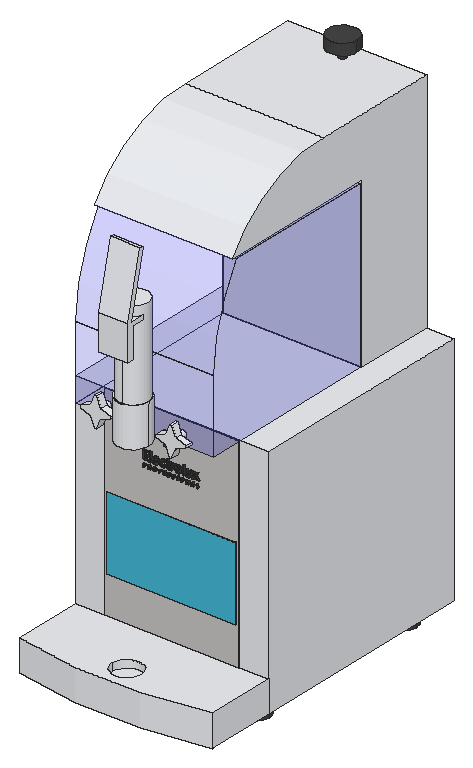
Revit family "QF_ELECTROLUXPROFESSIONAL_562516_GT1TR290", category Attrezzature speciali, Revit 2020
Family settings
  Quota connettore circolare = Usa diametro
  Tipo di parte = Normale
  Basato su piano di lavoro = No
  Sempre verticale = Sì
  Taglio con vuoti quando caricato = No
  Condiviso = No
  Punto di calcolo locali = No
Parameters (values of type "Standard")
  Weight = 28.00 kg
  Watts = 385 W
  Volts = 220 V
  URL Manufacturer = "https://www.electroluxprofessional.com/"
  URL = "https://www.electroluxprofessional.com/"
  Steam Supply Size = 0 mm
  Steam Supply Minimum Pressure = 0.0 Pa
  Steam Supply Maximum Pressure = 0.0 Pa
  Steam Consumption per Hour = 0
  Show Logo [instance] = yes
  Show Clearance [instance] = yes
  Refrigeration Suction Line Size = 0 mm
  Refrigeration Liquid Line Size = 0 mm
  Refrigerant Compressor Remote = yes
  Prospetto di default = 0 mm
  Produttore = "Electrolux Professional"
  Phase = 1
  Modello = "GT1TR290"
  Length Actual = 260 mm  # constant formula
  Item Number = "562516"
  Hot Water Size = 0 mm
  Height Actual = 650 mm  # constant formula
  HP = "0.5 HP"
  Gas Size = 0 mm
  Gas KW = 0
  Gas Input Pressure = 0 W
  Direct Waste Size = 0 mm
  Descrizione = "1X5 LT BOWL - FROZEN GRANITA, FROZEN CREAMS AND SOFT ICE CREAM DISPENSER - 1 INSULATED BOWL - TOUCH SCREEN - WHITE, R290"
  Depth Actual = 425 mm  # constant formula
  Cycle = 50 Hz
  Condensate Return Size = 0 mm
  Compressed Air Volume = 0.0 L/s
  Compressed Air Size = 0 mm
  Compressed Air Pressure = 0.0 Pa
  Cold Water Size = 0 mm
  Accessory = yes
Reference planes
  plane 1: z = 0
  plane 2 "LEFT": x = -300
  plane 3 "BACK": y = 282.5
  plane 4: z = 648.875
  plane 5: z = 340
  plane 6: z = 63
  plane 7: z = 677
  plane 8: x = -38
  plane 9: y = -142.5
Forms (mm)
  Extrusion 1, solid, material "QF_Finishes_White"
    sketch origin (0, -1.353, -30) x (1, 0, 0) y (0, 1, 0)
      loop
        line (-300, 283.853) -> (-300, -31.147) -> (-38, -31.147) -> (-38, 283.853) -> (-300, 283.853)
    from 50 to 370
  Extrusion 2, solid, material "QF_Finishes_Stainless Steel"
    sketch origin (15.921, 130.5, -87.462) x (1, 0, 0) y (0, 1, 0)
      loop
        line (-93.921, -163) -> (-275.921, -163) -> (-275.921, -163.8) -> (-93.921, -163.8) -> (-93.921, -163)
    from 150.462 to 427.462
  Extrusion 3, solid, material "QF_Finishes_Stainless Steel"
    sketch origin (-521.596, -170.677, 18) x (0, -1, 0) y (1, 0, 0)
      loop
        line (-163.023, 407.596) -> (-163.023, 427.596) -> (-183.023, 427.596) -> (-183.023, 407.596) -> (-163.023, 407.596)
    from 0 to 2
Dimensions and locks
  plane 4 to level = 648.875 mm
  level to plane 7 = 677 mm
  plane 6 to level = 63 mm
  plane 5 to plane 6 = 277 mm
  plane 2 "LEFT" to plane 8 = 262 mm
  plane 9 to plane 3 "BACK" = 425 mm
  plane 5 to nested 11 = 246.5 mm
  plane 3 "BACK" to nested 11 = 417.25 mm
  plane 3 "BACK" to plane 9 = 425 mm
  aligned and locked: level to plane 1
Nested families
  nested 1: "MANOPOLA BEVERAGE" at (-220, -78.664, 353.538) x (0, 0, 1) z (0, -1, 0), type "MANOPOLA BEVERAGE"
  nested 2: "MANOPOLA BEVERAGE" at (-118, -78.664, 353.538) x (0, 0, 1) z (0, -1, 0), type "MANOPOLA BEVERAGE"
  nested 3: "PORTAGRANITE BEVERAGE-fat" at (-169, 107.419, 340), type "PORTAGRANITE BEVERAGE-fat"
  nested 4: "VASCHETTA BEVERAGE_Large" at (-169, -32.5, 41.5) x (1, 0, 0) z (0, -1, 0), type "VASCHETTA BEVERAGE_Large"
  nested 5: "ELX_LOGO_MONO_SMALL" at (-178.92, -33.3, 259.538) x (-1, 0, 0) z (0, -1, 0), Show Logo <- "Show Logo", visible <- "Show Logo", type "ELX_LOGO_MONO_SMALL"
  nested 6: "ELX_LOGO_WORDS" at (-169, -33.3, 274.149) x (1, 0, 0) z (0, -1, 0), visible <- "Show Logo", Show Logo <- "Show Logo", type "ELX_LOGO_WORDS"
  nested 7: "Piedino 20x19 mm - Beverage" at (-264, 240.5, 0), type "Piedino 20x19 mm - Beverage"
  nested 8: "Piedino 20x19 mm - Beverage" at (-264, -9.5, 0), type "Piedino 20x19 mm - Beverage"
  nested 9: "Piedino 20x19 mm - Beverage" at (-74, 240.5, 0), type "Piedino 20x19 mm - Beverage"
  nested 10: "Piedino 20x19 mm - Beverage" at (-74, -9.5, 0), type "Piedino 20x19 mm - Beverage"
  nested 11: "BOCCHETTONE BEVERAGE_Tozzo" at (-167.625, -78.664, 463) x (1, 0, 0) z (0, -1, 0), type "BOCCHETTONE BEVERAGE_Tozzo"
  nested 12: "MANOPOLA APERTURA BEVERAGE " at (-169, 257.5, 648.875) x (-1, 0, 0) z (0, 0, 1), type "MANOPOLA APERTURA BEVERAGE "
  nested 13: "SCHERMO_TOUCH_BEVERAGE" at (-169, -33.3, 165) x (1, 0, 0) z (0, -1, 0), type "SCHERMO_TOUCH_BEVERAGE"
Connectors
  electrical at (-104, 2.346, 18), driven by "Volts"
    settings: on Extrusion 3, index 73, voltage 220 V, apparent load 0 VA, apparent load phase1 0 VA, apparent load phase2 0 VA, apparent load phase3 0 VA, power factor 1, load classification "Altro", number of poles 1, system type 30, power factor state 1, is connector primary yes, connector utility no, sub classification motor no, connector description "Electrical Connection"
Definition of nested family "MANOPOLA BEVERAGE"
  Parameters (values of type "MANOPOLA BEVERAGE")
    Default Elevation = 1219.2 mm
  Reference planes
    plane 1 "Centro (Fronte/Retro)": y = 0
    plane 2: z = 0
    plane 3 "Centro (Sinistra/Destra)": x = 0
    plane 4: z = 20
  Forms (mm)
    Extrusion 1, solid
      sketch origin (0, 0, 0) x (1, 0, 0) y (0, 1, 0)
        loop
          line (-1219.2, 1219.2) -> (-1219.2, -1219.2) -> (1219.2, -1219.2) -> (1219.2, 1219.2) -> (-1219.2, 1219.2)
      from 0 to -304.8
    Extrusion 2, solid
      sketch origin (0, 0, 10) x (1, 0, 0) y (0, 1, 0)
        loop
          line (-20, -1.333) -> (-6.314, -6.314) -> (-1.333, -20) -> (1.333, -20) -> (6.314, -6.314) -> (20, -1.333) -> (20, 1.333) -> (6.314, 6.314) -> (1.333, 20) -> (-1.333, 20) -> (-6.314, 6.314) -> (-20, 1.333) -> (-20, -1.333)
      from 0 to 10
    Extrusion 3, solid
      sketch origin (0, 0, 0) x (1, 0, 0) y (0, 1, 0)
        loop
          circle (0, 0) r 5
      from 0 to 10
  Dimensions and locks
    aligned and locked: plane 2 to Extrusion 1
    aligned and locked: level to Extrusion 1
Definition of nested family "PORTAGRANITE BEVERAGE-fat"
  Parameters (values of type "PORTAGRANITE BEVERAGE-fat")
    Default Elevation = 1219.2 mm
  Reference planes
    plane 1 "Centro (Fronte/Retro)": y = 0
    plane 2: z = 0
    plane 3 "Centro (Sinistra/Destra)": x = 0
    plane 4: x = -94
    plane 5: x = 94
  Forms (mm)
    Extrusion 1, solid
      sketch origin (0, 0, 0) x (1, 0, 0) y (0, 1, 0)
        loop
          line (-1219.2, 1219.2) -> (-1219.2, -1219.2) -> (1219.2, -1219.2) -> (1219.2, 1219.2) -> (-1219.2, 1219.2)
      from 0 to -304.8
    Extrusion 2, solid
      sketch origin (-94, -107.419, -376) x (0, 1, 0) y (0, 0, 1)
        loop
          line (172.5, 604.875) -> (172.5, 376) -> (282.5, 376) -> (282.5, 684.875) -> (107.419, 684.875)
          arc (107.419, 684.875) -> (20.241, 663.694) -> (-47.5, 604.875) r 190
          line (-47.5, 604.875) -> (172.5, 604.875)
      from 0 to 188
    Extrusion 3, solid
      sketch origin (-101.5, -107.419, -378) x (0, 1, 0) y (0, 0, 1)
        loop
          line (170.5, 378) -> (170.5, 603) -> (-39.5, 603)
          arc (-39.5, 603) -> (-68.644, 543.496) -> (-78.664, 478) r 219.065
          line (-78.664, 478) -> (-78.664, 378) -> (170.5, 378)
      from 7.5 to 195.5
  Dimensions and locks
    plane 4 to plane 5 = 188 mm  (x2)
    Extrusion 2 sketch curve to Extrusion 2 sketch curve = 330 mm
    Extrusion 2 to Extrusion 3 sketch curve = 361.164 mm
    Extrusion 2 sketch curve to Extrusion 1 = 308.875 mm
    Extrusion 2 to Extrusion 3 = 361.164 mm
    Extrusion 2 to Extrusion 1 = 308.875 mm
    aligned and locked: plane 2 to Extrusion 1
    aligned and locked: level to Extrusion 1
Definition of nested family "VASCHETTA BEVERAGE_Large"
  Parameters (values of type "VASCHETTA BEVERAGE_Large")
    Default Elevation = 1219.2 mm
    Length = 262 mm
    Heigth = 43 mm
    Deep = 110 mm
  Reference planes
    plane 1 "Centro (Fronte/Retro)": y = 0
    plane 2: z = 0
    plane 3 "Centro (Sinistra/Destra)": x = 0
    plane 4: z = 110
    plane 5: x = 131
    plane 6: x = -131
  Forms (mm)
    Extrusion 1, solid
      sketch origin (0, 0, 0) x (1, 0, 0) y (0, 1, 0)
        loop
          line (-1219.2, 1219.2) -> (-1219.2, -1219.2) -> (1219.2, -1219.2) -> (1219.2, 1219.2) -> (-1219.2, 1219.2)
      from 0 to -304.8
    Extrusion 2, void
      sketch origin (202.5, -88.5, -167.5) x (1, 0, 0) y (0, 0, -1)
        loop
          circle (-202.5, -244.664) r 20
      from 100 to 110
    Extrusion 3, solid
      sketch origin (0, -2.5, 0) x (1, 0, 0) y (0, 0, 1)
        loop
          arc (131, 95) -> (0, 110.167) -> (-131, 95) r 573.335
          line (-131, 95) -> (-131, 0) -> (131, 0) -> (131, 95)
      from -24 to 19
  Cuts and joins
    Extrusion 2 cuts Extrusion 3
  Dimensions and locks
    "Heigth": Extrusion 3 to Extrusion 3
    "Length": plane 6 to plane 5
    "Deep": Extrusion 1 to plane 4
    aligned and locked: plane 2 to Extrusion 1
    aligned and locked: level to Extrusion 1
  Automatic sketch dimensions
    Extrusion 1 sketch curve to Extrusion 1 sketch curve = 2438.4 mm  (x2)
    Extrusion 2 sketch curve to plane 3 "Centro (Sinistra/Destra)" = 0 mm
    plane 4 to Extrusion 2 sketch curve = 32.836 mm
    Extrusion 3 sketch curve to level = 0 mm
    plane 6 to Extrusion 3 sketch curve = 0 mm
    Extrusion 3 sketch curve to plane 3 "Centro (Sinistra/Destra)" = 0 mm
    plane 5 to Extrusion 3 sketch curve = 0 mm
    Extrusion 3 sketch curve to level = 463.168 mm
    plane 4 to Extrusion 3 sketch curve = 15 mm
    Extrusion 3 sketch curve to Extrusion 3 sketch curve = 0 mm
    radius of Extrusion 2 sketch curve = 20 mm
Definition of nested family "ELX_LOGO_MONO_SMALL"
  Parameters (values of type "ELX_LOGO_MONO_SMALL")
    Show Logo [instance] = yes
    Default Elevation = 1219.2 mm
  Reference planes
    plane 1 "Center (Front/Back)": y = -49
    plane 2: z = 0
    plane 3 "Center (Left/Right)": x = -9.92
  Forms (mm)
    Extrusion 1, solid
      sketch origin (0, 0, 0) x (1, 0, 0) y (0, 1, 0)
        loop
          line (-1219.2, 1219.2) -> (-1219.2, -1219.2) -> (1219.2, -1219.2) -> (1219.2, 1219.2) -> (-1219.2, 1219.2)
      from 0 to -304.8
    Extrusion 2, solid, visible <- "Show Logo"
      sketch origin (84.462, 509.781, 0) x (1, 0, 0) y (0, 1, 0)
        loop
          line (-97.132, -567.787) -> (-97.132, -549.816)
          arc (-97.132, -549.816) -> (-103.775, -558.801) -> (-97.132, -567.787) r 9.398
        loop
          arc (-96.218, -567.787) -> (-88.745, -566.088) -> (-85.144, -559.322) r 9.21
          line (-85.144, -559.322) -> (-88.117, -559.322)
          arc (-88.117, -559.322) -> (-93.428, -561.478) -> (-96.218, -566.485) r 8.633
          line (-96.218, -566.485) -> (-96.218, -567.787)
        loop
          arc (-96.218, -551.117) -> (-93.428, -556.124) -> (-88.117, -558.28) r 8.633
          line (-88.117, -558.28) -> (-85.144, -558.28)
          arc (-85.144, -558.28) -> (-88.739, -551.459) -> (-96.218, -549.585) r 9.451
          line (-96.218, -549.585) -> (-96.218, -551.117)
        loop
          line (-84.462, -568.767) -> (-84.462, -548.794) -> (-104.462, -548.794) -> (-104.462, -568.767) -> (-84.462, -568.767)
      from 0 to 1.644
  Dimensions and locks
    aligned and locked: plane 2 to Extrusion 1
    aligned and locked: level to Extrusion 1
Definition of nested family "ELX_LOGO_WORDS"
  Parameters (values of type "ELX_LOGO_WORDS")
    Show Logo [instance] = yes
    Default Elevation = 0 mm
  Reference planes
    plane 1 "Centro (Fronte/Retro)": y = 0
    plane 2: z = 0
    plane 3 "Centro (Sinistra/Destra)": x = 0
  Forms (mm)
    Extrusion 1, solid
      sketch origin (0, 0, 0) x (1, 0, 0) y (0, 1, 0)
        loop
          line (-1219.2, 1219.2) -> (-1219.2, -1219.2) -> (1219.2, -1219.2) -> (1219.2, 1219.2) -> (-1219.2, 1219.2)
      from 0 to -304.8
    Extrusion 2, solid, visible <- "Show Logo"
      sketch origin (0, 0, 0) x (1, 0, 0) y (0, 1, 0)
        loop
          line (-30.234, 10.561) -> (-37.67, 10.561) -> (-37.67, 1.902)
          arc (-37.67, 1.902) -> (-36.691, -0.461) -> (-34.329, -1.439) r 3.341
          line (-34.329, -1.439) -> (-30.09, -1.439) -> (-30.09, 0.503) -> (-33.845, 0.503)
          arc (-33.845, 0.503) -> (-35.079, 0.92) -> (-35.604, 2.112) r 1.615
          line (-35.604, 2.112) -> (-35.604, 3.829) -> (-30.555, 3.829) -> (-30.555, 5.779) -> (-35.604, 5.779) -> (-35.604, 8.617) -> (-30.234, 8.617) -> (-30.234, 10.561)
        loop
          line (-28.622, 10.561) -> (-28.622, -1.439) -> (-26.555, -1.439) -> (-26.555, 10.561) -> (-28.622, 10.561)
        loop
          line (16.27, 10.561) -> (16.27, -1.439) -> (18.338, -1.439) -> (18.338, 10.561) -> (16.27, 10.561)
        loop
          line (-23.137, 2.393) -> (-16.354, 2.393)
          arc (-16.354, 2.393) -> (-17.415, 6.119) -> (-21.043, 7.478) r 4.298
          arc (-21.043, 7.478) -> (-24.239, 5.857) -> (-25.151, 2.393) r 4.373
          arc (-25.151, 2.393) -> (-23.951, -0.505) -> (-21.053, -1.705) r 4.097
          arc (-21.053, -1.705) -> (-18.799, -1.372) -> (-16.908, -0.099) r 5.15
          line (-16.908, -0.099) -> (-18.133, 1.125)
          arc (-18.133, 1.125) -> (-19.74, 0.161) -> (-21.607, 0.323) r 3.039
          arc (-21.607, 0.323) -> (-22.746, 1.081) -> (-23.137, 2.393) r 2.013
        loop
          line (-23.085, 3.846) -> (-18.431, 3.846)
          arc (-18.431, 3.846) -> (-19.084, 5.22) -> (-20.519, 5.727) r 1.983
          arc (-20.519, 5.727) -> (-22.175, 5.295) -> (-23.085, 3.846) r 2.321
        loop
          line (-8.297, 4.711) -> (-6.999, 6.009)
          arc (-6.999, 6.009) -> (-8.627, 7.187) -> (-10.604, 7.539) r 4.497
          arc (-10.604, 7.539) -> (-13.621, 6.437) -> (-15.204, 3.642) r 4.652
          arc (-15.204, 3.642) -> (-12.536, -1.257) -> (-7.072, -0.127) r 4.684
          line (-7.072, -0.127) -> (-8.363, 1.163)
          arc (-8.363, 1.163) -> (-11.149, 0.242) -> (-13.145, 2.393) r 2.714
          arc (-13.145, 2.393) -> (-13.006, 4.094) -> (-11.835, 5.335) r 2.578
          arc (-11.835, 5.335) -> (-9.96, 5.621) -> (-8.297, 4.711) r 2.961
        loop
          line (-5.73, 10.561) -> (-5.73, 2.36)
          arc (-5.73, 2.36) -> (-5.551, 1.13) -> (-5.09, -0.025) r 5.301
          arc (-5.09, -0.025) -> (-3.615, -1.198) -> (-1.746, -1.445) r 3.531
          line (-1.746, -1.445) -> (-1.746, 0.492)
          arc (-1.746, 0.492) -> (-2.302, 0.534) -> (-2.82, 0.74) r 1.862
          arc (-2.82, 0.74) -> (-3.484, 1.442) -> (-3.662, 2.393) r 1.713
          line (-3.662, 2.393) -> (-3.662, 5.362) -> (-1.785, 5.362) -> (-1.785, 7.24) -> (-3.662, 7.24) -> (-3.662, 10.561) -> (-5.73, 10.561)
        loop
          arc (2.004, 3.123) -> (2.152, 3.988) -> (2.578, 4.755) r 2.607
          arc (2.578, 4.755) -> (3.817, 5.391) -> (5.208, 5.362) r 2.84
          line (5.208, 5.362) -> (5.208, 7.349)
          arc (5.208, 7.349) -> (3.39, 7.177) -> (2.004, 5.989) r 3.016
          line (2.004, 5.989) -> (2.004, 7.24) -> (-0.046, 7.24) -> (-0.046, -1.439) -> (2.004, -1.439) -> (2.004, 3.123)
        loop
          circle (10.262, 2.899) r 4.599
        loop
          circle (10.262, 2.899) r 2.787
        loop
          arc (25.793, 2.175) -> (25.283, 0.772) -> (23.898, 0.213) r 1.835
          arc (23.898, 0.213) -> (22.514, 0.772) -> (22.004, 2.175) r 1.835
          line (22.004, 2.175) -> (22.004, 7.24) -> (19.919, 7.24) -> (19.919, 2.003)
          arc (19.919, 2.003) -> (21.105, -0.701) -> (23.898, -1.659) r 3.675
          arc (23.898, -1.659) -> (26.723, -0.672) -> (27.877, 2.088) r 3.675
          line (27.877, 2.088) -> (27.877, 7.24) -> (25.793, 7.24) -> (25.793, 2.175)
        loop
          line (29.126, 7.24) -> (32.128, 3.164) -> (28.83, -1.442) -> (31.052, -1.442) -> (33.241, 1.615) -> (35.462, -1.442) -> (37.67, -1.442) -> (34.419, 3.211) -> (37.392, 7.24) -> (35.135, 7.24) -> (33.234, 4.663) -> (31.362, 7.24) -> (29.126, 7.24)
        loop
          line (-35.875, -6.414) -> (-37.523, -6.414) -> (-37.523, -10.564) -> (-36.621, -10.564) -> (-36.621, -9.135) -> (-35.625, -9.135)
          arc (-35.625, -9.135) -> (-34.509, -7.66) -> (-35.875, -6.414) r 1.372
        loop
          arc (-35.664, -8.32) -> (-35.322, -7.786) -> (-35.664, -7.253) r 0.587
          line (-35.664, -7.253) -> (-36.621, -7.253) -> (-36.621, -8.32) -> (-35.664, -8.32)
        loop
          line (-29.363, -6.414) -> (-31.04, -6.414) -> (-31.04, -10.564) -> (-30.138, -10.564) -> (-30.138, -9.135) -> (-29.265, -9.135) -> (-28.669, -10.564) -> (-27.7, -10.564) -> (-28.516, -8.814)
          arc (-28.516, -8.814) -> (-28.125, -8.347) -> (-27.994, -7.752) r 1.281
          arc (-27.994, -7.752) -> (-28.406, -6.804) -> (-29.363, -6.414) r 1.37
        loop
          line (-30.138, -7.253) -> (-30.138, -8.32) -> (-29.18, -8.32)
          arc (-29.18, -8.32) -> (-28.839, -7.786) -> (-29.18, -7.253) r 0.587
          line (-29.18, -7.253) -> (-30.138, -7.253)
        loop
          circle (-22.402, -8.489) r 2.156
        loop
          circle (-22.402, -8.489) r 1.368
        loop
          line (-16.703, -6.414) -> (-16.703, -10.564) -> (-15.823, -10.564) -> (-15.823, -9.114) -> (-14.261, -9.114) -> (-14.261, -8.184) -> (-15.823, -8.184) -> (-15.823, -7.308) -> (-14.111, -7.308) -> (-14.111, -6.414) -> (-16.703, -6.414)
        loop
          line (-10.611, -6.414) -> (-10.611, -9.216)
          arc (-10.611, -9.216) -> (-10.229, -10.166) -> (-9.284, -10.561) r 1.327
          line (-9.284, -10.561) -> (-7.945, -10.561) -> (-7.945, -9.777) -> (-9.204, -9.777)
          arc (-9.204, -9.777) -> (-9.668, -9.394) -> (-9.759, -8.799) r 0.845
          line (-9.759, -8.799) -> (-8.1, -8.799) -> (-8.1, -8.015) -> (-9.759, -8.015) -> (-9.759, -7.198) -> (-7.985, -7.198) -> (-7.985, -6.414) -> (-10.611, -6.414)
        loop
          arc (4.417, -6.94) -> (3.867, -6.489) -> (3.171, -6.345) r 1.485
          arc (3.171, -6.345) -> (2.528, -6.503) -> (2, -6.902) r 1.645
          arc (2, -6.902) -> (1.902, -7.844) -> (2.51, -8.571) r 1.217
          arc (2.51, -8.571) -> (3.021, -8.741) -> (3.506, -8.976) r 4.201
          arc (3.506, -8.976) -> (3.812, -9.337) -> (3.601, -9.761) r 0.43
          arc (3.601, -9.761) -> (3.209, -9.853) -> (2.819, -9.754) r 0.846
          arc (2.819, -9.754) -> (2.482, -9.511) -> (2.275, -9.15) r 0.983
          line (2.275, -9.15) -> (1.549, -9.489)
          arc (1.549, -9.489) -> (1.811, -9.993) -> (2.232, -10.374) r 1.595
          arc (2.232, -10.374) -> (2.71, -10.578) -> (3.227, -10.63) r 1.719
          arc (3.227, -10.63) -> (3.867, -10.503) -> (4.442, -10.197) r 2.246
          arc (4.442, -10.197) -> (4.697, -9.52) -> (4.566, -8.81) r 1.349
          arc (4.566, -8.81) -> (4.282, -8.482) -> (3.919, -8.245) r 1.564
          arc (3.919, -8.245) -> (3.46, -8.04) -> (2.99, -7.864) r 8.236
          arc (2.99, -7.864) -> (2.718, -7.441) -> (3.111, -7.128) r 0.375
          arc (3.111, -7.128) -> (3.581, -7.241) -> (3.943, -7.563) r 0.998
          line (3.943, -7.563) -> (4.417, -6.94)
        loop
          line (8.225, -6.414) -> (8.225, -10.561) -> (9.077, -10.561) -> (9.077, -6.414) -> (8.225, -6.414)
        loop
          circle (14.827, -8.488) r 1.29
        loop
          circle (14.827, -8.488) r 2.154
        loop
          line (20.548, -10.561) -> (21.409, -10.561) -> (21.409, -7.954) -> (23.306, -10.561) -> (24.135, -10.561) -> (24.135, -6.414) -> (23.274, -6.414) -> (23.274, -9.101) -> (21.377, -6.414) -> (20.548, -6.414) -> (20.548, -10.561)
        loop
          line (28.435, -10.561) -> (28.839, -9.667) -> (30.373, -9.667) -> (30.777, -10.561) -> (31.693, -10.561) -> (29.942, -6.414) -> (29.142, -6.414) -> (27.519, -10.561) -> (28.435, -10.561)
        loop
          line (29.99, -8.816) -> (29.579, -7.905) -> (29.18, -8.816) -> (29.99, -8.816)
        loop
          line (35.929, -9.777) -> (35.929, -6.414) -> (35.076, -6.414) -> (35.076, -10.561) -> (37.523, -10.561) -> (37.523, -9.777) -> (35.929, -9.777)
        loop
          arc (-1.8, -6.94) -> (-2.35, -6.489) -> (-3.046, -6.345) r 1.485
          arc (-3.046, -6.345) -> (-3.689, -6.503) -> (-4.218, -6.902) r 1.645
          arc (-4.218, -6.902) -> (-4.316, -7.844) -> (-3.708, -8.571) r 1.217
          arc (-3.708, -8.571) -> (-3.197, -8.741) -> (-2.712, -8.976) r 4.201
          arc (-2.712, -8.976) -> (-2.405, -9.337) -> (-2.616, -9.761) r 0.43
          arc (-2.616, -9.761) -> (-3.008, -9.853) -> (-3.399, -9.754) r 0.846
          arc (-3.399, -9.754) -> (-3.736, -9.511) -> (-3.942, -9.15) r 0.983
          line (-3.942, -9.15) -> (-4.668, -9.489)
          arc (-4.668, -9.489) -> (-4.407, -9.993) -> (-3.985, -10.374) r 1.595
          arc (-3.985, -10.374) -> (-3.507, -10.578) -> (-2.99, -10.63) r 1.719
          arc (-2.99, -10.63) -> (-2.351, -10.503) -> (-1.775, -10.197) r 2.246
          arc (-1.775, -10.197) -> (-1.521, -9.52) -> (-1.652, -8.81) r 1.349
          arc (-1.652, -8.81) -> (-1.936, -8.482) -> (-2.298, -8.245) r 1.564
          arc (-2.298, -8.245) -> (-2.757, -8.04) -> (-3.228, -7.864) r 8.236
          arc (-3.228, -7.864) -> (-3.5, -7.441) -> (-3.107, -7.128) r 0.375
          arc (-3.107, -7.128) -> (-2.636, -7.241) -> (-2.274, -7.563) r 0.998
          line (-2.274, -7.563) -> (-1.8, -6.94)
      from 0 to 1.644
  Dimensions and locks
    aligned and locked: plane 2 to Extrusion 1
    aligned and locked: level to Extrusion 1
Definition of nested family "Piedino 20x19 mm - Beverage"
  Parameters (values of type "Piedino 20x19 mm - Beverage")
    Default Elevation = 0 mm
    P = 930 mm
    L = 400 mm
    H = 290 mm
  Reference planes
    plane 1: y = 0
    plane 2: z = 0
    plane 3: x = 0
    plane 4: z = 290
    plane 5: z = 24
    plane 6: z = 55
  Forms (mm)
    Extrusion 1, solid
      sketch origin (-373.847, 979.72, 0) x (1, 0, 0) y (0, 1, 0)
        loop
          circle (373.847, -979.72) r 19
      from 0 to 20
  Dimensions and locks
    "H": plane 4 to level
    plane 4 to plane 5 to level = 266 mm, 24 mm
    level to plane 6 = 55 mm
    aligned and locked: level to plane 2
  Automatic sketch dimensions
    plane 3 to Extrusion 1 sketch curve = 0 mm
    plane 1 to Extrusion 1 sketch curve = 0 mm
    radius of Extrusion 1 sketch curve = 19 mm
Definition of nested family "BOCCHETTONE BEVERAGE_Tozzo"
  Parameters (values of type "BOCCHETTONE BEVERAGE_Tozzo")
    Default Elevation = 1219.2 mm
  Reference planes
    plane 1 "Centro (Fronte/Retro)": y = 0
    plane 2: z = 0
    plane 3 "Centro (Sinistra/Destra)": x = 0
    plane 4: y = -123.5
    plane 5: y = 123.5
    plane 6: z = 22.09
  Forms (mm)
    Extrusion 1, solid
      sketch origin (0, 0, 0) x (1, 0, 0) y (0, 1, 0)
        loop
          line (-1219.2, 1219.2) -> (-1219.2, -1219.2) -> (1219.2, -1219.2) -> (1219.2, 1219.2) -> (-1219.2, 1219.2)
      from 0 to -304.8
    Extrusion 2, solid
      sketch origin (0, -51.625, 19.664) x (0, 0, 1) y (1, 0, 0)
        loop
          circle (2.426, 0) r 20
      from -18.353 to 101.625
    Extrusion 3, void
      sketch origin (-4.375, -126.625, 34.086) x (1, 0, 0) y (0, 0, -1)
        loop
          line (27.179, -16.141) -> (27.179, 12.684) -> (6.226, 12.684) -> (6.226, -10.188) -> (21.226, -10.188) -> (27.179, -16.141)
        loop
          line (-18.429, -16.141) -> (-12.476, -10.188) -> (2.524, -10.188) -> (2.524, 12.684) -> (-18.429, 12.684) -> (-18.429, -16.141)
      from 104.337 to 159.894
    Extrusion 4, solid
      sketch origin (25, -97.404, 18.125) x (0, 0, 1) y (0, 1, 0)
        loop
          line (11.922, 135.839) -> (11.922, 88.779) -> (37.961, 88.779) -> (37.961, 136.453) -> (16.929, 220.809) -> (12.077, 219.599) -> (32.961, 135.839) -> (11.922, 135.839)
      from 5 to 45
    Extrusion 5, solid
      sketch origin (0, -126.625, 25.97) x (1, 0, 0) y (0, 0, -1)
        loop
          circle (0, 3.97) r 22
      from 3.125 to 56.647
  Cuts and joins
    Extrusion 3 cuts Extrusion 4
    joined: Extrusion 2, Extrusion 4
  Dimensions and locks
    plane 5 to plane 4 = 247 mm
    plane 5 to plane 1 "Centro (Fronte/Retro)" to plane 4 = 123.5 mm, 123.5 mm
    cut or joined group of Extrusion 2, Extrusion 3, Extrusion 4 to Extrusion 1 = 56.086 mm
    aligned and locked: plane 2 to Extrusion 1
    aligned and locked: level to Extrusion 1
Definition of nested family "MANOPOLA APERTURA BEVERAGE "
  Parameters (values of type "MANOPOLA APERTURA BEVERAGE ")
    Default Elevation = 1219.2 mm
  Reference planes
    plane 1 "Centro (Fronte/Retro)": y = 0
    plane 2: z = 0
    plane 3 "Centro (Sinistra/Destra)": x = 0
    plane 4: z = 27
  Forms (mm)
    Extrusion 1, solid
      sketch origin (0, 0, 0) x (1, 0, 0) y (0, 1, 0)
        loop
          line (-1219.2, 1219.2) -> (-1219.2, -1219.2) -> (1219.2, -1219.2) -> (1219.2, 1219.2) -> (-1219.2, 1219.2)
      from 0 to -304.8
    Extrusion 2, solid
      sketch origin (0, 0, 0) x (1, 0, 0) y (0, 1, 0)
        loop
          circle (0, 0) r 5
      from 0 to 12
    Extrusion 3, solid
      sketch origin (0, 0, 12) x (1, 0, 0) y (0, 1, 0)
        loop
          circle (0, 0) r 20
      from 0 to 15
  Dimensions and locks
    Extrusion 1 to plane 4 = 27 mm
    aligned and locked: plane 2 to Extrusion 1
    aligned and locked: level to Extrusion 1
Definition of nested family "SCHERMO_TOUCH_BEVERAGE"
  Parameters (values of type "SCHERMO_TOUCH_BEVERAGE")
    Show Logo [instance] = yes
    Default Elevation = 1219.2 mm
  Reference planes
    plane 1 "Centro (Fronte/Retro)": y = 0
    plane 2: z = 0
    plane 3 "Centro (Sinistra/Destra)": x = 0
  Forms (mm)
    Extrusion 1, solid
      sketch origin (0, 0, 0) x (1, 0, 0) y (0, 1, 0)
        loop
          line (-1219.2, 1219.2) -> (-1219.2, -1219.2) -> (1219.2, -1219.2) -> (1219.2, 1219.2) -> (-1219.2, 1219.2)
      from 0 to -304.8
    Extrusion 2, solid
      sketch origin (118.389, -572.596, 0) x (-1, 0, 0) y (0, -1, 0)
        loop
          line (205.889, -622.596) -> (205.889, -522.596) -> (30.889, -522.596) -> (30.889, -622.596) -> (205.889, -622.596)
      from 0 to 1
  Dimensions and locks
    aligned and locked: plane 2 to Extrusion 1
    aligned and locked: level to Extrusion 1
